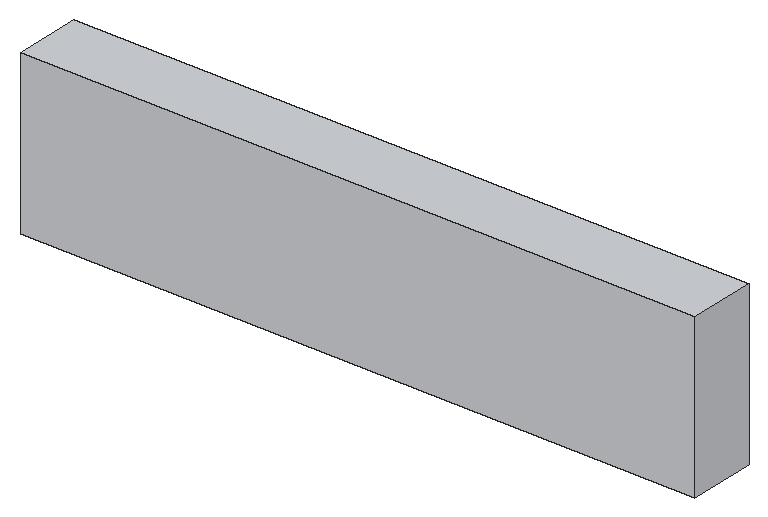
Revit family "Beam", category Structural Framing, Revit 2026
Family settings
  Section Shape = Not Defined
  Material for Model Behavior = Other
  Always export as geometry = No
  Always vertical = Yes
  Cut with Voids When Loaded = No
  Symbolic Representation = From Family
  Shared = No
  Show family pre-cut in plan views = Yes
Parameters
  Width = 250 mm
  Length [instance] = 3000 mm
  Height = 600 mm
Reference planes
  plane 1 "Center (Front/Back)": y = 0
  plane 2 "Center Elevation": z = 0
  plane 3 "Center (Left/Right)": x = 0
  plane 4 "Left": x = -1500
  plane 5 "Member Left": x = -1250
  plane 6 "Stick Symbol Left": x = -1000
  plane 7 "Right": x = 1500
  plane 8 "Member Right": x = 1250
  plane 9 "Stick Symbol Right": x = 1000
  plane 10: y = 125
  plane 11: y = -75
  plane 12: z = 0
  plane 13: z = -300
Forms (mm)
  Extrusion 1, solid, detail levels medium+fine
    sketch origin (0, 25, -150) x (0, 1, 0) y (0, 0, 1)
      loop
        line (100, 450) -> (-150, 450) -> (-150, -150) -> (100, -150) -> (100, 450)
    from -1250 to 1250
Lines and regions (mm)
  model lines, style "Stick Symbols", detail levels coarse
    curve 1: line (-1000, 0, 0) -> (1000, 0, 0)
Dimensions and locks
  equal spacing: plane 4 "Left", plane 3 "Center (Left/Right)", plane 7 "Right"
  "Length": plane 4 "Left" to plane 7 "Right"
  "Height": Extrusion 1 to Extrusion 1
  "Width": Extrusion 1 to Extrusion 1
  plane 1 "Center (Front/Back)" to Extrusion 1 sketch curve = 125 mm
  aligned and locked: plane 10 to Extrusion 1 sketch curve
  aligned and locked: plane 13 to Extrusion 1 sketch curve
  aligned and locked: plane 5 "Member Left" to Extrusion 1
  aligned and locked: Extrusion 1 to plane 8 "Member Right"
  aligned and locked: plane 1 "Center (Front/Back)" to curve 1
  aligned and locked: plane 6 "Stick Symbol Left" to curve 1
  aligned and locked: plane 9 "Stick Symbol Right" to curve 1
  aligned and locked: level to plane 2 "Center Elevation"
Automatic sketch dimensions
  level to Extrusion 1 sketch curve = 300 mm
